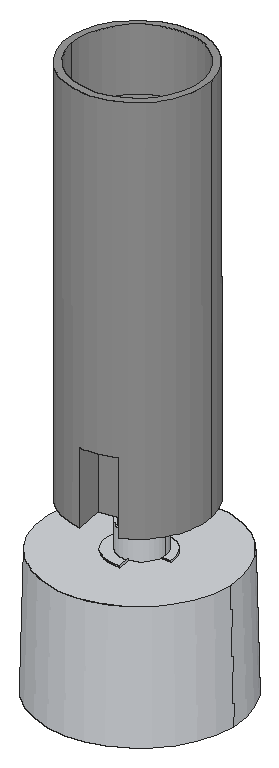
Revit family "0006166", category Generic Models, host Face, Revit 2018
Family settings
  Host = Face
  Can host rebar = No
  Round Connector Dimension = Use Diameter
  Part Type = Normal
  OmniClass Number = 23.80.70.00
  OmniClass Title = Lighting
  Cut with Voids When Loaded = No
  Shared = No
  Room Calculation Point = No
Parameters (values of type "0006166 PIXO MINI SURFACE 560LM 940 MB WHT")
  Width = 60 mm
  URL = "0.5"
  Type Image = <None>
  Type Comments = "n/a"
  Material_3_SYL = none
  Model = "Pixo Mini SURFACE 560lm 940 MB WHITE"
  Manufacturer = ""
  Length = 60 mm
  Keynote = "n/a"
  Material_2_SYL = none
  Description = "Integrated LED spotlight, Textured White - RAL9016, simple and slick integral design with no driver box and without any visible screws, ideal for retail applications, die-cast aluminium body, passive cooling heatsink. Beam angle: 40°, color temperature: 4000K , total system power: 6.5W, total fixture output: 560 lm, LOR: 100%, colour rendering: Ra: 90 typical, IR/UV free light source without heat radiation, operating voltage: 220-240V / 50-60Hz, electronic driver, non-dimmable, low LED flickerering rate (6%-20%), power factor: >0.90, electrical protection: Class I, Surface mounting ceiling rose, ingress protection rating: IP20, suitable for internal environment only, horizontal rotation: 345°, vertical tilt: 90°, dimensions: Ø41.5x125, weight: 0.219kg."
  Default Elevation = 1219.2 mm
  Cost = 0
  Material_1_SYL = none
  Assembly Code = "D5020200"
  Material_4_SYL = none
Reference planes
  plane 1 "Center (Front/Back)": y = 0
  plane 2: z = 0
  plane 3 "Center (Left/Right)": x = 0
  plane 4: y = 30
  plane 5: y = -30
  plane 6: x = -30
  plane 7: x = 30
  plane 8: x = -10
  plane 9: x = 10
  plane 10: y = -10
  plane 11: z = 50
  plane 12: z = 40
Forms (mm)
  Blend 1, solid
    base sketch origin (0, 0, 0) x (1, 0, 0) y (0, 1, 0)
      loop
        circle (0, 0) r 30
    top sketch origin (0, 0, 0) x (1, 0, 0) y (0, 1, 0)
      loop
        circle (0, 0) r 29
    from 0 to 40
  Revolve 2, solid
    sketch origin (-0.132, 1524, 1218.539) x (0, 1, 0) y (0, 0, 1)
      loop
        line (-1524, -1178.287) -> (-1534, -1178.287) -> (-1534, -1183.679) -> (-1524, -1183.679) -> (-1524, -1178.287)
      axis (-1524, -1178.287) -> (-1524, -1183.679)
    angle from -10.388 to 269.147
Dimensions and locks
  "Width": plane 4 to plane 5
  equal spacing: plane 4, plane 1 "Center (Front/Back)", plane 5
  "Length": plane 6 to plane 7
  equal spacing: plane 6, plane 3 "Center (Left/Right)", plane 7
  plane 11 to plane 12 = 10 mm
  aligned and locked: plane 2 to host face
  aligned and locked: level to host face
  aligned and locked: plane 12 to Blend 1
Automatic sketch dimensions
  host sketch curve to host sketch curve = 2438.4 mm  (x2)
  plane 1 "Center (Front/Back)" to Blend 1 sketch curve = 0 mm  (x2)
  Blend 1 sketch curve to plane 3 "Center (Left/Right)" = 0 mm  (x2)
  Revolve 2 sketch curve to plane 10 = 0 mm
  Revolve 2 sketch curve to plane 1 "Center (Front/Back)" = 0 mm  (x2)
  Revolve 2 sketch curve to plane 12 = 5.14 mm
  Revolve 2 sketch curve to plane 11 = 9.748 mm
  Revolve 2 sketch curve to Revolve 2 sketch curve = 6.947 mm
  Revolve 2 sketch curve to Revolve 2 sketch curve = 19.087 mm
  radius of Blend 1 sketch curve = 30 mm
  radius of Blend 1 sketch curve = 29 mm
Nested families
  nested 1: "Pixo Mini Integral arm and Head Family face based" at (0, 0.779, 40.252) x (-0.9836, -0.1803, 0) z (0, 0, 1), type "Type Name"
Definition of nested family "Pixo Mini Integral arm and Head Family face based"
  Parameters (values of type "Type Name")
    Width = 14 mm
    URL = "http://www.sylvania-lighting.com"
    Type Image = (empty or 0)
    Type Comments = "n/a"
    Material_3_SYL = none
    Model = ""
    Manufacturer = "Feilo Sylvania"
    Length = 14 mm
    Keynote = ""
    Material_2_SYL = none
    Description = ""
    Default Elevation = 1219.2 mm
    Cost = 0
    Material_1_SYL = none
    Assembly Code = ""
    Material_4_SYL = none
  Reference planes
    plane 1 "Center (Front/Back)": y = 0
    plane 2: z = 0
    plane 3 "Center (Left/Right)": x = 0
    plane 4: y = 7
    plane 5: y = -7
    plane 6: x = -7
    plane 7: x = 7
    plane 8: y = 5
    plane 9: y = -5
    plane 10: x = -4
    plane 11: x = 4
    plane 12: z = 32
    plane 13: z = 27
    plane 14: z = 29.5
    plane 15: z = 24.5
    plane 16: x = 2.5
    plane 17: x = -2.476
    plane 18: y = 2.5
    plane 19: y = -2.5
  Forms (mm)
    Extrusion 1, solid
      sketch origin (4.2, 0, 0) x (1, 0, 0) y (0, 1, 0)
        loop
          line (-1219.2, 1219.2) -> (-1219.2, -1219.2) -> (1219.2, -1219.2) -> (1219.2, 1219.2) -> (-1219.2, 1219.2)
      from 0 to -68.017
    Extrusion 2, solid
      sketch origin (0, 0, 0) x (1, 0, 0) y (0, 1, 0)
        loop
          circle (0, 0) r 7
      from 0 to 8
    Extrusion 3, solid
      sketch origin (0, 0, 0) x (1, 0, 0) y (0, 1, 0)
        loop
          line (-4, 5) -> (-4, -5) -> (4, -5) -> (4, 5) -> (-4, 5)
      from 0 to 32
    Revolve 4, solid
      sketch origin (1524, 0.091, 1207.16) x (1, 0, 0) y (0, 0, 1)
        loop
          line (-1515.995, -1189.7) -> (-1532.014, -1189.7) -> (-1532.014, -1192.2) -> (-1515.995, -1192.2) -> (-1515.995, -1189.7)
        axis (-1515.995, -1192.2) -> (-1532.014, -1192.2)
      angle from 179.753 to 270.073
  Dimensions and locks
    "Width": plane 4 to plane 5
    equal spacing: plane 4, plane 1 "Center (Front/Back)", plane 5
    "Length": plane 6 to plane 7
    equal spacing: plane 6, plane 3 "Center (Left/Right)", plane 7
    aligned and locked: plane 2 to Extrusion 1
    aligned and locked: level to Extrusion 1
  Automatic sketch dimensions
    Extrusion 1 sketch curve to Extrusion 1 sketch curve = 2438.4 mm  (x2)
    plane 1 "Center (Front/Back)" to Extrusion 2 sketch curve = 0 mm
    Extrusion 2 sketch curve to plane 3 "Center (Left/Right)" = 0 mm
    Extrusion 3 sketch curve to plane 9 = 0 mm
    Extrusion 3 sketch curve to plane 10 = 0 mm
    Extrusion 3 sketch curve to plane 11 = 0 mm
    Extrusion 3 sketch curve to plane 8 = 0 mm
    Revolve 4 sketch curve to plane 13 = 12.04 mm  (x2)
    plane 17 to Revolve 4 sketch curve = 5.537 mm
    Revolve 4 sketch curve to plane 16 = 5.505 mm
    Revolve 4 sketch curve to plane 14 = 12.04 mm
    plane 6 to Revolve 4 sketch curve = 1.319 mm
    Revolve 4 sketch curve to plane 7 = 1.279 mm
    radius of Extrusion 2 sketch curve = 7 mm
  Nested families
    nested 1: "Pixo Mini Integral Head Family face based nested" at (0.337, 1.428, 14.959) x (-1, 0, 0) z (0, 0.0013, 1), type "Type Name"
      with built-in parameter 1114216 (empty or 0)
  Definition of nested family "Pixo Mini Integral Head Family face based nested"
    Parameters (values of type "Type Name")
      Wattage Comments = "n/a"
      Wattage = 9.2903 W
      built-in parameter 1150110 = 1 (stored number, unit not read)
      URL = "http://www.sylvania-lighting.com"
      Type Image = (empty or 0)
      Type Comments = "n/a"
      built-in parameter 1114217 = 1 (stored number, unit not read)
      Tilt Angle = 90.00°
      built-in parameter 1150109 = 1 (stored number, unit not read)
      built-in parameter 1150134 = 3
      built-in parameter 1150113 = 1 (stored number, unit not read)
      Photometric Web File = "0006166.ies"
      Material_3_SYL = none
      Model = ""
      Manufacturer = "Feilo Sylvania"
      built-in parameter 1150105 = 109.82 (stored number, unit not read)
      Lumens = 1380 lm
      built-in parameter 1150115 = 1 (stored number, unit not read)
      built-in parameter 1150137 = (empty or 0)
      built-in parameter 1150139 = (empty or 0)
      built-in parameter 1150112 = 1 (stored number, unit not read)
      built-in parameter 1150114 = 1 (stored number, unit not read)
      Lamp = "LED"
      Keynote = "16500"
      Material_2_SYL = none
      built-in parameter 1150132 = (empty or 0)
      built-in parameter 1150102 = (empty or 0)
      built-in parameter 1150107 = 3200 (stored number, unit not read)
      built-in parameter 1150138 = (empty or 0)
      built-in parameter 1150106 = 1.0982 (stored number, unit not read)
      built-in parameter 1150104 = 13.8 (stored number, unit not read)
      Dimming Lamp Color Temperature Shift = (empty or 0)
      Description = ""
      Default Elevation = 1219.2 mm
      Cost = 0
      Color Filter = 16777215
      built-in parameter 1114216 [instance] = (empty or 0)
      Material_1_SYL = none
      built-in parameter 1114218 = 1 (stored number, unit not read)
      built-in parameter 1150133 = 10 (stored number, unit not read)
      Assembly Code = "D5020200"
      Apparent Load = 0 VA
      Material_4_SYL = none
    Reference planes
      plane 1 "Center (Front/Back)": y = 0
      plane 2: z = 0
      plane 3 "Center (Left/Right)": x = 0
      plane 4: z = 61.598
      plane 5: y = -21
      plane 6: y = -11
      plane 7: x = -5.5
      plane 8: x = 5.5
    Forms (mm)
      Extrusion 1, solid
        sketch origin (4.2, 0, 0) x (1, 0, 0) y (0, 1, 0)
          loop
            line (-1219.2, 1219.2) -> (-1219.2, -1219.2) -> (1219.2, -1219.2) -> (1219.2, 1219.2) -> (-1219.2, 1219.2)
        from 0 to -68.017
      Extrusion 2, solid
        sketch origin (0, 0, 0) x (1, 0, 0) y (0, 1, 0)
          loop
            circle (0, 0) r 21
        from 0 to 125
      Extrusion 3, void
        sketch origin (0, 0, 0) x (1, 0, 0) y (0, 1, 0)
          loop
            circle (0, 0) r 19
        from 125 to 105.028
      Blend 4, void
        base sketch origin (0, 0, 0) x (1, 0, 0) y (0, 1, 0)
          loop
            circle (0, 0) r 16.5
        top sketch origin (0, 0, 0) x (1, 0, 0) y (0, 1, 0)
          loop
            circle (0, 0) r 5.5
        from 105.028 to 95
      Extrusion 5, solid, detail levels fine
        sketch origin (0, 0, 0) x (1, 0, 0) y (0, 1, 0)
          loop
            circle (0, 0) r 5.5
        from 95 to 97
      Extrusion 6, void
        sketch origin (0, 0, 0) x (1, 0, 0) y (0, 1, 0)
          loop
            line (5.5, -21) -> (5.5, -11) -> (-5.5, -11) -> (-5.5, -21) -> (5.5, -21)
        from 0 to 23
    Cuts and joins
      Extrusion 3, Blend 4, Extrusion 6 cuts Extrusion 2
    Dimensions and locks
      aligned and locked: plane 2 to Extrusion 1
      aligned and locked: level to Extrusion 1
    Connectors
      electrical at (0, 0, 0), driven by "Apparent Load"
        settings: index 1, voltage 230 V, apparent load 0 VA, apparent load phase1 0 VA, apparent load phase2 0 VA, apparent load phase3 0 VA, power factor 0, load classification none, number of poles 1, system type 30, power factor state 1, is connector primary yes, connector utility no, sub classification motor no, connector description ""
